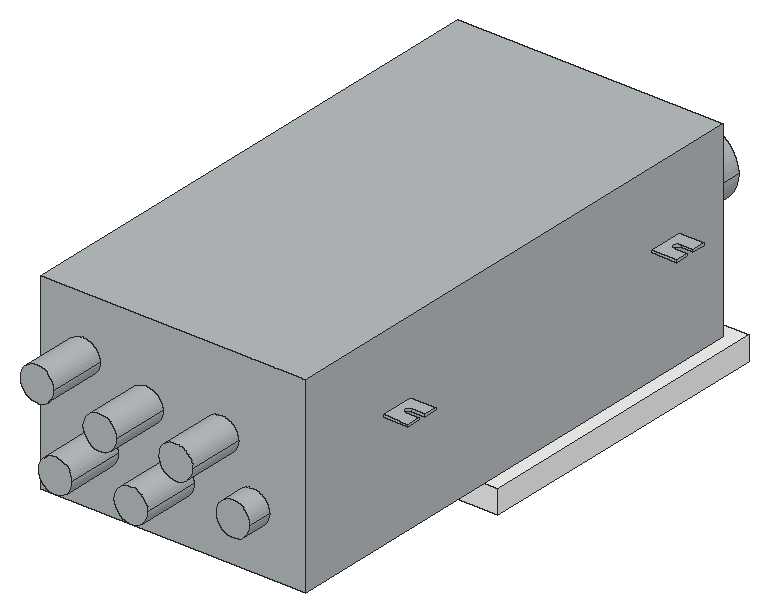
Revit family "vl-08_11zm(h)(v)2_50Hz", category 機械設備, Revit 2019
Family settings
  丸型コネクタ寸法 = 直径を使用
  パーツ タイプ = 標準
  OmniClass 番号 = 23.75.35.17.17.11
  OmniClass タイトル = Ceiling Fans
  作業面ベース = いいえ
  常に垂直 = はい
  ロード時にボイドで切り取り = いいえ
  共有 = いいえ
  部屋計算ポイント = はい
Parameters (values of type "VL-08ZF2")
  騒音レベル(dB(A)) [instance] = 26
  風量 [instance] = 設計風量  # 0.0 m³/h
  面風速 = 3.18 m/s
  電源種別 [instance] = ""
  電圧 = 100 V
  電動機出力 = 0 W
  電動機_種別 [instance] = ""
  集中コントローラ = ""
  運転質量 = 0.00 kg
  連動 [instance] = ""
  質量 = if(製品質量 > 運転質量, 製品質量, 運転質量) * 1.2  # 15.84 kg
  負荷分類 = 3_ファン類
  説明 = "ロスナイセントラル換気システム 天井カセット形"
  設計風量 [instance] = 0.0 m³/h
  設置方法 = "カセット形"
  記号 [instance] = ""
  製造元 = "三菱電機株式会社"
  製品質量 = 13.20 kg
  製品出荷対象 = "国内"
  製品リリース年月 = "2022/6/1"
  製品グループ = ""
  系統 [instance] = ""
  符号 [instance] = if(☑給気／□排気, "FS", "FE")  # "FE"
  積算_科目 = "1 空気調和設備"
  積算_拾い区分 [instance] = ""
  相 = 1
  盤記号 [instance] = ""
  発停方法 [instance] = ""
  特殊仕様 [instance] = ""
  火災停止 [instance] = ""
  温度交換効率 = 72.00%
  消費電力 = 35.5 W
  法定耐用年数 = "15"
  機外静圧_排気 = 15.0 Pa
  機外静圧 [instance] = 45.0 Pa
  極数 = 2
  材質 [instance] = ""
  操作・制御方式 = ""
  操作・制御スイッチ = ""
  排気量 [instance] = if(☑給気／□排気, 0.0 m³/h, 設計風量)  # 0.0 m³/h
  形式 = "カセット形"
  幹線記号 [instance] = ""
  対象室 [instance] = ""
  実風量 [instance] = 0.0 m³/h
  始動方式 [instance] = "直入"
  天吊金具ピッチ3 = 272 mm
  天吊金具ピッチ2 = 215 mm
  天吊金具ピッチ1 = 423 mm
  天吊金具_高さ = 168 mm
  天吊金具_径 = 11 mm
  天吊金具_幅 = 460 mm
  外気量 [instance] = if(☑給気／□排気, 設計風量, 0.0 m³/h)  # 0.0 m³/h
  呼称 = "全熱交換ユニット"
  周波数 = 50 Hz
  参照している仕様書等のバージョン = ""
  初期抵抗 = 0.0 Pa
  分類コード = "50052504100070"
  分類グループ = ""
  価格 = 92400
  企業コード = "108420"
  付属品_防振装置 = ""
  付属品_フィルター_還気 = ""
  付属品_フィルター = ""
  付属品 [instance] = ""
  仕様書バージョン = "Version1.0"
  モデル = "VL-08ZF2"
  マテリアル = 溶融亜鉛めっき鋼板
  ファンの種類 = ""
  ダクト径2 = 100 mm
  ダクト径 = 50 mm
  コメント [instance] = ""
  Keynote = ""
  カバーマテリアル = 合成樹脂(白)
  エンタルピ交換効率_暖房 = 56.00%
  エンタルピ交換効率_冷房 = 48.00%
  Assembly Code = ""
  ☑給気／□排気 [instance] = no
  Width = 385 mm
  W1 = 425 mm
  Version = ""
  Uniclass2015Version = "Systems v1.9"
  Uniclass2015Title = "Thermal wheels"
  Uniclass2015Code = "Pr_60_60_36_88"
  URL = "https://www.mitsubishielectric.co.jp/ldg/wink/ssl/displayProduct.do?pid=320815"
  SpecificationReference = ""
  SpecificationDescription = ""
  SAサイズ_D = 49 mm
  Revision = ""
  RAサイズ_D = 49 mm
  ProductInformation = ""
  OmniClassCode = "23-27 23 19 11"
  OAサイズ_D = 98 mm
  MIN風量 = 65.0 m³/h
  MIN静圧 = 24.0 Pa
  MID風量 = 0.0 m³/h
  MID静圧 = 0.0 Pa
  MAX風量 = 90.0 m³/h
  MAX静圧 = 45.0 Pa
  IfcTypeProduct = ""
  IfcProduct = ""
  IfcExportType = "ROTARYWHEEL"
  IfcExportAs = "IfcAirToAirHeatRecoveryType"
  Height = 277 mm
  H1 = 34 mm
  EAサイズ_D = 98 mm
  Duct_SA_W3 = 5 mm
  Duct_SA_W2 = 65 mm
  Duct_SA_W1 = 45 mm
  Duct_SA_H1 = 79 mm
  Duct_SA_H2 = 84 mm
  Duct_RA_W = 61 mm
  Duct_SA_W4 = 110 mm
  Duct_RA_H = 194 mm
  Duct_OA_W = 35 mm
  Duct_OA_H = 108 mm
  Duct_EA_W = 115 mm
  Duct_EA_H = 174 mm
  Duct_Depth3 = 35 mm
  Duct_Depth2 = 63 mm
  Duct_Depth1 = 83 mm
  Depth = 758 mm
  D2 = 172 mm
  D1 = 455 mm
  Author = "三菱電機株式会社"
Types (5, lengths in mm): name | 騒音レベル(dB(A)) | 面風速 | 質量 | 製品質量 | 温度交換効率 | 消費電力 | 機外静圧_排気 | 機外静圧 | 価格 | モデル | エンタルピ交換効率_暖房 | エンタルピ交換効率_冷房 | URL | MIN風量 | MIN静圧 | MID風量 | MID静圧 | MAX風量 | MAX静圧
  VL-11ZFHV2 | 30 | 3.89 m/s | 14.76 kg | 12.30 kg | 80.00% | 27 W | 22.0 Pa | 68.0 Pa | 169000 | "VL-11ZFHV2" | 72.00% | 72.00% | "https://www.mitsubishielectric.co.jp/ldg/wink/ssl/displayProduct.do?pid=320823" | 70.0 m³/h | 27.0 Pa | 88.0 m³/h | 43.0 Pa | 110.0 m³/h | 68.0 Pa
  VL-11ZFH2 | 30 | 3.89 m/s | 15.84 kg | 13.20 kg | 80.00% | 50 W | 22.0 Pa | 68.0 Pa | 137300 | "VL-11ZFH2" | 73.00% | 73.00% | "https://www.mitsubishielectric.co.jp/ldg/wink/ssl/displayProduct.do?pid=320822" | 70.0 m³/h | 27.0 Pa | 0.0 m³/h | 0.0 Pa | 110.0 m³/h | 68.0 Pa
  VL-11ZF2 | 29 | 3.89 m/s | 15.84 kg | 13.20 kg | 65.00% | 47 W | 22.0 Pa | 68.0 Pa | 129400 | "VL-11ZF2" | 52.00% | 42.00% | "https://www.mitsubishielectric.co.jp/ldg/wink/ssl/displayProduct.do?pid=320821" | 70.0 m³/h | 28.0 Pa | 0.0 m³/h | 0.0 Pa | 110.0 m³/h | 68.0 Pa
  VL-08ZFH2 | 28 | 3.18 m/s | 15.84 kg | 13.20 kg | 85.00% | 37.5 W | 15.0 Pa | 45.0 Pa | 103000 | "VL-08ZFH2" | 77.00% | 77.00% | "https://www.mitsubishielectric.co.jp/ldg/wink/ssl/displayProduct.do?pid=320816" | 65.0 m³/h | 24.0 Pa | 0.0 m³/h | 0.0 Pa | 90.0 m³/h | 45.0 Pa
  VL-08ZF2 | 26 | 3.18 m/s | 15.84 kg | 13.20 kg | 72.00% | 35.5 W | 15.0 Pa | 45.0 Pa | 92400 | "VL-08ZF2" | 56.00% | 48.00% | "https://www.mitsubishielectric.co.jp/ldg/wink/ssl/displayProduct.do?pid=320815" | 65.0 m³/h | 24.0 Pa | 0.0 m³/h | 0.0 Pa | 90.0 m³/h | 45.0 Pa
Reference planes
  plane 1 "中心(正面/背面)": y = 0
  plane 2: z = 0
  plane 3 "中心(左/右)": x = 0
  plane 4: z = 277
  plane 5: z = -34
  plane 6: z = 25
  plane 7: y = 172
  plane 8: y = 399.5
  plane 9: y = -55.5
  plane 10: x = -212.5
  plane 11: x = 212.5
  plane 12: x = -192.5
  plane 13: x = 192.5
  plane 14: y = 379
  plane 15: y = -379
  plane 16: z = 84
  plane 17: z = 163
  plane 18: z = 194
  plane 19: x = -131.5
  plane 20: x = -105
  plane 21: x = -40
  plane 22: x = 70
  plane 23: x = 5
  plane 24: x = 115
  plane 25: y = -462
  plane 26: x = 115
  plane 27: x = -35
  plane 28: z = 108
  plane 29: z = 174
  plane 30: y = 442
  plane 31: x = 230
  plane 32: x = -230
  plane 33: y = -414
  plane 34: x = -211.5
  plane 35: x = 211.5
  plane 36: y = 272
  plane 37: y = -215
  plane 38: z = 171
  plane 39: z = 168
Forms (mm)
  Extrusion 1, solid, material "溶融亜鉛めっき鋼板" <- "マテリアル", detail levels fine
    sketch origin (0, 0, 0) x (1, 0, 0) y (0, 1, 0)
      loop
        line (-192.5, -379) -> (192.5, -379) -> (192.5, 379) -> (-192.5, 379) -> (-192.5, -379)
    from 0 to 277
  Extrusion 2, solid, material "合成樹脂(白)" <- "カバーマテリアル", detail levels fine
    sketch origin (0, 0, 0) x (1, 0, 0) y (0, 1, 0)
      loop
        line (-212.5, -55.5) -> (212.5, -55.5) -> (212.5, 399.5) -> (-212.5, 399.5) -> (-212.5, -55.5)
    from -34 to 0
  Extrusion 3, solid, material "溶融亜鉛めっき鋼板" <- "マテリアル", detail levels fine
    sketch origin (0, 0, 0) x (1, 0, 0) y (0, 0, 1)
      loop
        circle (-131.5, 194) r 24.5
      loop
        circle (-105, 84) r 24.5
      loop
        circle (-40, 163) r 24.5
      loop
        circle (5, 84) r 24.5
      loop
        circle (70, 163) r 24.5
    from 379 to 462
  Extrusion 4, solid, material "溶融亜鉛めっき鋼板" <- "マテリアル", detail levels fine
    sketch origin (0, 0, 0) x (1, 0, 0) y (0, 0, 1)
      loop
        circle (115, 174) r 49
      loop
        circle (-35, 108) r 49
    from -442 to -379
  Extrusion 5, solid, material "溶融亜鉛めっき鋼板" <- "マテリアル", detail levels fine
    sketch origin (0, 0, 0) x (1, 0, 0) y (0, 0, 1)
      loop
        circle (115, 84) r 24.5
    from 379 to 414
  Extrusion 6, solid, material "溶融亜鉛めっき鋼板" <- "マテリアル", detail levels fine
    sketch origin (0, 0, 0) x (1, 0, 0) y (0, 1, 0)
      loop
        line (-230, 277.5) -> (-211.5, 277.5)
        arc (-211.5, 277.5) -> (-206, 272) -> (-211.5, 266.5) r 5.5
        line (-211.5, 266.5) -> (-230, 266.5) -> (-230, 247) -> (-192.5, 247) -> (-192.5, 297) -> (-230, 297) -> (-230, 277.5)
      loop
        line (230, 277.5) -> (230, 297) -> (192.5, 297) -> (192.5, 247) -> (230, 247) -> (230, 266.5) -> (211.5, 266.5)
        arc (211.5, 266.5) -> (206, 272) -> (211.5, 277.5) r 5.5
        line (211.5, 277.5) -> (230, 277.5)
      loop
        line (-230, -220.5) -> (-230, -240) -> (-192.5, -240) -> (-192.5, -190) -> (-230, -190) -> (-230, -209.5) -> (-211.5, -209.5)
        arc (-211.5, -209.5) -> (-206, -215) -> (-211.5, -220.5) r 5.5
        line (-211.5, -220.5) -> (-230, -220.5)
      loop
        line (230, -220.5) -> (211.5, -220.5)
        arc (211.5, -220.5) -> (206, -215) -> (211.5, -209.5) r 5.5
        line (211.5, -209.5) -> (230, -209.5) -> (230, -190) -> (192.5, -190) -> (192.5, -240) -> (230, -240) -> (230, -220.5)
    from 168 to 171
Lines and regions (mm)
  Masking region 1, detail levels coarse+medium
    outline origin (2764.839, 23, 0) x (1, 0, 0) y (0, 1, 0)
      loop
        line (-2957.339, 356) -> (-2957.339, -402) -> (-2572.339, -402) -> (-2572.339, 356) -> (-2957.339, 356)
  symbolic lines, detail levels coarse+medium
    curve 1: line (192.5, 0, 0) -> (0, 379, 0)
    curve 2: line (-192.5, 0, 0) -> (0, 379, 0)
    curve 3: line (192.5, 0, 0) -> (0, -379, 0)
    curve 4: line (-192.5, 0, 0) -> (0, -379, 0)
Dimensions and locks
  "H1": plane 2 to plane 5
  "D2": plane 7 to plane 1 "中心(正面/背面)"
  equal spacing: plane 8, plane 7, plane 9
  "D1": plane 8 to plane 9
  equal spacing: plane 10, plane 3 "中心(左/右)", plane 11
  "W1": plane 10 to plane 11
  equal spacing: plane 12, plane 3 "中心(左/右)", plane 13
  "Width": plane 12 to plane 13
  equal spacing: plane 14, plane 1 "中心(正面/背面)", plane 15
  "Depth": plane 14 to plane 15
  "Duct_RA_W": plane 19 to plane 12
  "Duct_SA_W4": plane 24 to plane 23 to plane 20
  "Duct_SA_H1": plane 17 to plane 16
  "Duct_EA_W": plane 3 "中心(左/右)" to plane 26
  "Duct_OA_W": plane 3 "中心(左/右)" to plane 27
  "Duct_Depth1": plane 15 to plane 25
  "Duct_Depth2": plane 30 to plane 14
  "Duct_Depth3": plane 15 to plane 33
  equal spacing: plane 32, plane 3 "中心(左/右)", plane 31
  "天吊金具_幅": plane 32 to plane 31
  equal spacing: plane 34, plane 3 "中心(左/右)", plane 35
  "天吊金具ピッチ1": plane 34 to plane 35
  Extrusion 6 sketch curve to Extrusion 6 sketch curve = 50 mm  (x4)
  locked: plane 38 to plane 39 at 3
  "Height": plane 4 to plane 2
  "Duct_RA_H": plane 18 to plane 2
  "Duct_SA_H2": plane 16 to plane 2
  "Duct_OA_H": plane 28 to plane 2
  "Duct_EA_H": plane 29 to plane 2
  "Duct_SA_W1": plane 23 to plane 21
  "Duct_SA_W2": plane 22 to plane 23
  "Duct_SA_W3": plane 23 to plane 3 "中心(左/右)"
  "天吊金具ピッチ3": plane 36 to plane 1 "中心(正面/背面)"
  "天吊金具ピッチ2": plane 37 to plane 1 "中心(正面/背面)"
  "天吊金具_高さ": plane 39 to plane 2
  "RAサイズ_D": diameter of Extrusion 3 sketch curve
  "SAサイズ_D": diameter of Extrusion 3 sketch curve  (x4)
  "EAサイズ_D": diameter of Extrusion 4 sketch curve
  "OAサイズ_D": diameter of Extrusion 4 sketch curve
  "SAサイズ_D": diameter of Extrusion 5 sketch curve
  "天吊金具_径": diameter of Extrusion 6 sketch curve  (x4)
  aligned and locked: level to plane 2
  aligned and locked: Extrusion 1 sketch curve to plane 13
  aligned and locked: plane 14 to Extrusion 1 sketch curve
  aligned and locked: Extrusion 1 sketch curve to plane 12
  aligned and locked: plane 15 to Extrusion 1 sketch curve
  aligned and locked: plane 9 to Extrusion 2 sketch curve
  aligned and locked: Extrusion 2 sketch curve to plane 10
  aligned and locked: plane 8 to Extrusion 2 sketch curve
  aligned and locked: Extrusion 2 sketch curve to plane 11
  aligned and locked: Extrusion 2 to plane 5
  aligned and locked: plane 2 to Extrusion 2
  aligned and locked: plane 4 to Extrusion 1
  aligned and locked: Extrusion 3 to plane 25
  aligned and locked: Extrusion 3 to plane 15
  aligned and locked: plane 30 to Extrusion 4
  aligned and locked: Extrusion 4 to plane 14
  aligned and locked: Extrusion 5 to plane 33
  aligned and locked: Extrusion 5 to plane 15
  aligned and locked: plane 12 to Extrusion 6 sketch curve
  aligned and locked: plane 32 to Extrusion 6 sketch curve  (x2)
  aligned and locked: Extrusion 6 sketch curve to plane 13
  aligned and locked: Extrusion 6 sketch curve to plane 31  (x2)
  aligned and locked: Extrusion 6 sketch curve to plane 32  (x2)
  aligned and locked: Extrusion 6 sketch curve to plane 12
  aligned and locked: plane 13 to Extrusion 6 sketch curve
  aligned and locked: plane 31 to Extrusion 6 sketch curve  (x2)
  aligned and locked: plane 38 to Extrusion 6
  aligned and locked: Extrusion 6 to plane 39
  aligned and locked: nested 1 to plane 37
  aligned and locked: nested 1 to plane 36
  aligned and locked: plane 34 to nested 1
  aligned and locked: nested 1 to plane 35
  aligned and locked: Extrusion 1 to plane 2
  aligned and locked: Masking region 1 to plane 12
  aligned and locked: plane 14 to Masking region 1
  aligned and locked: plane 15 to Masking region 1
  aligned and locked: Masking region 1 to plane 13
  aligned and locked: Masking region 1 to curve 1
  aligned and locked: plane 3 "中心(左/右)" to curve 2
  aligned and locked: plane 1 "中心(正面/背面)" to curve 2
  aligned and locked: plane 12 to curve 4
  aligned and locked: plane 15 to curve 3
  aligned and locked: plane 13 to curve 3
Automatic sketch dimensions
  plane 27 to Extrusion 4 sketch curve = 0 mm
  plane 26 to Extrusion 4 sketch curve = 0 mm
  Extrusion 4 sketch curve to plane 28 = 0 mm
  Extrusion 4 sketch curve to plane 29 = 0 mm
  Extrusion 3 sketch curve to plane 18 = 0 mm
  Extrusion 3 sketch curve to plane 19 = 0 mm
  Extrusion 3 sketch curve to plane 16 = 0 mm  (x2)
  Extrusion 3 sketch curve to plane 20 = 0 mm
  Extrusion 3 sketch curve to plane 17 = 0 mm  (x2)
  Extrusion 3 sketch curve to plane 21 = 0 mm
  Extrusion 3 sketch curve to plane 23 = 0 mm
  Extrusion 3 sketch curve to plane 22 = 0 mm
  Extrusion 5 sketch curve to plane 16 = 0 mm
  Extrusion 5 sketch curve to plane 24 = 0 mm
  Masking region 1 sketch curve to plane 12 = 0 mm
  Masking region 1 sketch curve to plane 13 = 0 mm
  plane 15 to Masking region 1 sketch curve = 0 mm
  Masking region 1 sketch curve to plane 14 = 0 mm
  curve 3 to plane 3 "中心(左/右)" = 0 mm
  plane 1 "中心(正面/背面)" to curve 3 = 0 mm
  Extrusion 6 sketch curve to plane 34 = 0 mm  (x2)
  Extrusion 6 sketch curve to plane 35 = 0 mm  (x2)
  plane 37 to Extrusion 6 sketch curve = 0 mm  (x2)
  Extrusion 6 sketch curve to plane 36 = 0 mm  (x2)
  Extrusion 6 sketch curve to Extrusion 6 sketch curve = 19.5 mm  (x3)
  plane 37 to Extrusion 6 sketch curve = 25 mm
Nested families
  nested 1: "固定点" at (-211.5, -215, 0), type "固定点"
    with W 423 mm, D 487 mm
Connectors
  hvac at (-131.5, -462, 194), driven by "ダクト径", driven by "機外静圧", driven by "風量"
    settings: on Extrusion 3, index 1, duct flow 0.0 m³/h, flow factor 0, pres drop 45.0 Pa, loss coef 0, conn angle 0.00°, conn width 304.8 mm, conn height 304.8 mm, conn diameter 50 mm, duct sys type 2, conn prof type 0, flow config 0, flow direction 1, loss method 4, conn ref index -1, conn util no, is conn primary yes, conn desc ""
  hvac at (-40, -462, 163), driven by "ダクト径", driven by "機外静圧", driven by "風量"
    settings: on Extrusion 3, index 2, duct flow 0.0 m³/h, flow factor 0, pres drop 45.0 Pa, loss coef 0, conn angle 0.00°, conn width 304.8 mm, conn height 304.8 mm, conn diameter 50 mm, duct sys type 1, conn prof type 0, flow config 0, flow direction 2, loss method 4, conn ref index -1, conn util no, is conn primary no, conn desc ""
  hvac at (70, -462, 163), driven by "ダクト径", driven by "機外静圧", driven by "風量"
    settings: on Extrusion 3, index 3, duct flow 0.0 m³/h, flow factor 0, pres drop 45.0 Pa, loss coef 0, conn angle 0.00°, conn width 304.8 mm, conn height 304.8 mm, conn diameter 50 mm, duct sys type 1, conn prof type 0, flow config 0, flow direction 2, loss method 4, conn ref index -1, conn util no, is conn primary no, conn desc ""
  hvac at (-131.5, -462, 194), driven by "ダクト径", driven by "機外静圧", driven by "風量"
    settings: on Extrusion 3, index 4, duct flow 0.0 m³/h, flow factor 0, pres drop 45.0 Pa, loss coef 0, conn angle 0.00°, conn width 304.8 mm, conn height 304.8 mm, conn diameter 50 mm, duct sys type 2, conn prof type 0, flow config 0, flow direction 1, loss method 4, conn ref index -1, conn util no, is conn primary no, conn desc ""
  hvac at (5, -462, 84), driven by "ダクト径", driven by "機外静圧", driven by "風量"
    settings: on Extrusion 3, index 5, duct flow 0.0 m³/h, flow factor 0, pres drop 45.0 Pa, loss coef 0, conn angle 0.00°, conn width 304.8 mm, conn height 304.8 mm, conn diameter 50 mm, duct sys type 1, conn prof type 0, flow config 0, flow direction 2, loss method 4, conn ref index -1, conn util no, is conn primary no, conn desc ""
  hvac at (-105, -462, 84), driven by "ダクト径", driven by "機外静圧", driven by "風量"
    settings: on Extrusion 3, index 6, duct flow 0.0 m³/h, flow factor 0, pres drop 45.0 Pa, loss coef 0, conn angle 0.00°, conn width 304.8 mm, conn height 304.8 mm, conn diameter 50 mm, duct sys type 1, conn prof type 0, flow config 0, flow direction 2, loss method 4, conn ref index -1, conn util no, is conn primary no, conn desc ""
  hvac at (115, 442, 174), driven by "機外静圧", driven by "排気量", driven by "ダクト径2"
    settings: on Extrusion 4, index 7, duct flow 0.0 m³/h, flow factor 0, pres drop 45.0 Pa, loss coef 0, conn angle 0.00°, conn width 304.8 mm, conn height 304.8 mm, conn diameter 100 mm, duct sys type 3, conn prof type 0, flow config 0, flow direction 2, loss method 4, conn ref index -1, conn util no, is conn primary no, conn desc ""
  hvac at (-35, 442, 108), driven by "ダクト径2", driven by "機外静圧", driven by "外気量"
    settings: on Extrusion 4, index 8, duct flow 0.0 m³/h, flow factor 0, pres drop 45.0 Pa, loss coef 0, conn angle 0.00°, conn width 304.8 mm, conn height 304.8 mm, conn diameter 100 mm, duct sys type 4, conn prof type 0, flow config 0, flow direction 1, loss method 4, conn ref index -1, conn util no, is conn primary no, conn desc ""
  hvac at (115, -414, 84), driven by "ダクト径", driven by "機外静圧", driven by "風量"
    settings: on Extrusion 5, index 9, duct flow 0.0 m³/h, flow factor 0, pres drop 45.0 Pa, loss coef 0, conn angle 0.00°, conn width 304.8 mm, conn height 304.8 mm, conn diameter 50 mm, duct sys type 1, conn prof type 0, flow config 0, flow direction 2, loss method 4, conn ref index -1, conn util no, is conn primary no, conn desc ""
Definition of nested family "固定点"
  Parameters (values of type "固定点")
    中心円 = 20 mm
    W [instance] = 1000 mm
    D [instance] = 1000 mm
  Reference planes
    plane 1 "中心(正面/背面)": y = 0
    plane 2: z = 0
    plane 3 "中心(左/右)": x = 0
    plane 4: x = 1000
    plane 5: y = 1000
  Lines and regions (mm)
    symbolic lines, detail levels fine
      curve 1: circle (0, 1000, 0) r 10 normal (0, 0, 1)
      curve 2: circle (0, 0, 0) r 10 normal (0, 0, 1)
      curve 3: circle (1000, 1000, 0) r 10 normal (0, 0, 1)
      curve 4: circle (1000, 0, 0) r 10 normal (0, 0, 1)
      curve 5: line (-200, 1000, 0) -> (1200, 1000, 0)
      curve 6: line (-200, 0, 0) -> (1200, 0, 0)
      curve 7: line (0, 1200, 0) -> (0, -200, 0)
      curve 8: line (1000, 1200, 0) -> (1000, -200, 0)
  Dimensions and locks
    "W": plane 3 "中心(左/右)" to plane 4
    "D": plane 1 "中心(正面/背面)" to plane 5
    "中心円": diameter of curve 1
    "中心円": diameter of curve 2
    "中心円": diameter of curve 3
    "中心円": diameter of curve 4
    aligned and locked: level to plane 2
    aligned and locked: plane 5 to curve 1
    aligned and locked: plane 3 "中心(左/右)" to curve 1
    aligned and locked: plane 3 "中心(左/右)" to curve 2
    aligned and locked: plane 1 "中心(正面/背面)" to curve 2
    aligned and locked: plane 4 to curve 3
    aligned and locked: plane 5 to curve 3
    aligned and locked: plane 1 "中心(正面/背面)" to curve 4
    aligned and locked: plane 4 to curve 4
    aligned and locked: plane 1 "中心(正面/背面)" to curve 6
    aligned and locked: curve 7 to plane 3 "中心(左/右)"
    aligned and locked: curve 8 to plane 4
  Automatic sketch dimensions
    curve 5 to plane 5 = 0 mm
    curve 6 to plane 3 "中心(左/右)" = 200 mm
    curve 5 to plane 3 "中心(左/右)" = 200 mm
    curve 4 to curve 6 = 200 mm
    curve 3 to curve 5 = 200 mm
    plane 1 "中心(正面/背面)" to curve 8 = 200 mm
    plane 1 "中心(正面/背面)" to curve 7 = 200 mm
    curve 3 to curve 8 = 200 mm
    curve 1 to curve 7 = 200 mm
